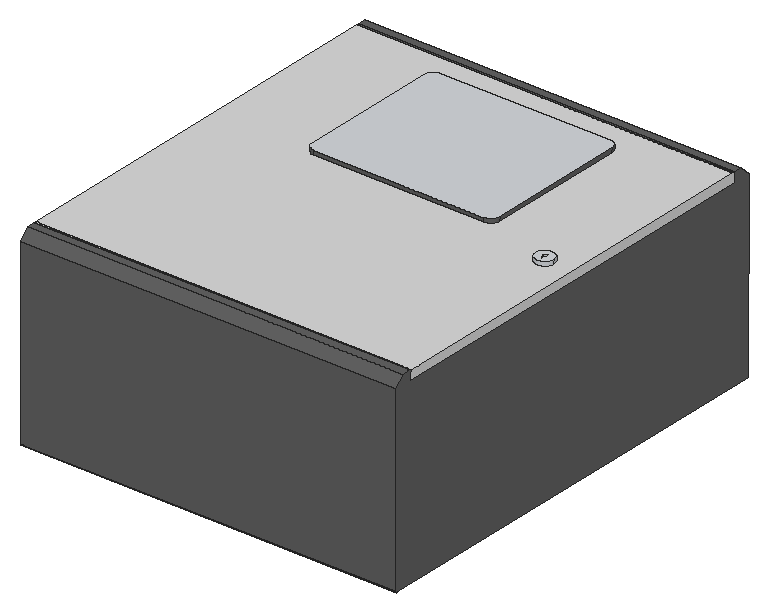
Revit family "Tyco_FireDtctnAlmCtrlIndctEquip_Zettler-Profile2-4LoopAddressableCtrlIndctPanel", category Fire Alarm Devices, host Face, Revit 2013
Parameters (values of type "With2x38AhBatteries-P405D")
  Width = 410 mm
  WarrantyStartDate [instance] = "1900-12-31T23:59:59"
  WarrantyGuarantorParts = "Contact your supplier. If you don’t have your supplier contact details please contact (tfsuk.service@tycoint.com) or (tfseu.service@tycoint.com)"
  WarrantyGuarantorLabor = "Contact your supplier. If you don’t have your supplier contact details please contact (tfsuk.service@tycoint.com) or (tfseu.service@tycoint.com)"
  WarrantyDurationUnit = "Year"
  WarrantyDurationParts = "1.5 years"
  WarrantyDurationLabor = "1.5 years"
  WarrantyDescription = "n/a"
  Version = "1"
  UsageCurrent = 0 A
  Uniclass2 = "Ee_40_15_75"
  URL = "http://www.zettlerfire.com/Products/Fire/zettlerpanels/PROFILE.asp"
  TotalNoOfAddresses = "500/1000"
  TagNumber [instance] = "n/a"
  SustainabilityPerformance = "n/a"
  StorageTemperature = "-20 °C to +70 °C"
  Size = "n/a"
  ShowZoneLEDs = no
  Shape = "Rectangle"
  SerialNumber [instance] = "n/a"
  Revision = "n/a"
  ReplacementCost = "n/a"
  RelativeHumidity = "90% RH continuous (non-condensing)"
  Reference = "n/a"
  ProductSpecification = "P405D Profile 2-4 Loop Addressable Control and Indicating Panel with 2*38Ah Batteries"
  ProductInformation = "http://www.zettlerfire.com/Products/Fire/zettlerpanels/PROFILE.asp"
  ProductCodes = "557.200.554"
  PhaseReference = "n/a"
  PhaseAngle = 0.00°
  OperationTemperatureRange = "-8 °C to +55 °C"
  NumberOfPoles = 0
  NominalWidth = Width  # 410 mm
  NominalVoltage = "230 V AC"
  NominalLength = Depth  # 213 mm
  NominalHeight = Height  # 480 mm
  NominalFrequencyRange = "50/60 Hz"
  NominalCurrent = 1.6 A
  NoOfZonesSupported = "240"
  NoOfZonalLEDs = "0"
  NoOfLoops = "2 to 4"
  Name = "P405D Profile 2-4 Loop Addressable Control and Indicating Panel with 2*38Ah Batteries"
  NBSReference = "90-75-30/380"
  NBSDescription = "Fire detection and alarm control and indicating equipment (CIE)"
  ModelReference = "n/a"
  ModelNumber = "P405D"
  Model = "P405D"
  Material = "Mild steel"
  ManufacturerURL = "www.zettlerfire.com"
  ManufacturerName = "Tyco Fire Protection Products"
  Manufacturer = "Tyco Fire Protection Products"  # constant formula
  InsulationStandardClass = "n/a"
  InstallationDate [instance] = "1900-12-31T23:59:59"
  IfcTypeObject = "IfcBuildingElementProxy"
  IfcExportType = "NOTDEFINED"
  IfcExportAs = "IfcDistributionElement"
  IP_Code = "n/a"
  Height = 480 mm
  HasProtectiveEarth = yes
  Grade = "n/a"
  GUIPanelWidth = Width / 2  # 205 mm
  GUIPanelOffset = Height * 0.8  # 384 mm
  Finish = "n/a"
  Features = "n/a"
  ExpectedLife = "n/a"
  ElectricalDeviceNominalPower = 0 VA
  DurationUnit = "Year"
  Description = "Zettler-Profile 2-4 Loop Addressable Control and Indicating Panel with 2*38Ah Batteries"
  Depth = 213 mm
  Default Elevation = 1200 mm
  Constituents = "n/a"
  ComponentWeight = "10.6 Kg"
  Color = "Grey"
  CodePerformance = "n/a"
  Category = "Ee_40_15_75"
  Brand = "Zettler\r\nZettler"
  BarCode [instance] = "n/a"
  BIMObjectName = "Tyco_FireDtctnAlmCtrlIndctEquip_Zettler-Profile2-4LoopAddressableCtrlIndctPanel With2x38AhBatteries-P405D"
  Author = "Tyco Fire Protection Products"
  AssetType = "Moveable"
  AssetIdentifier [instance] = "n/a"
  AddressesPerLoop = "250"
  AccessibilityPerformance = "n/a"
Types (2, lengths in mm): name | ShowZoneLEDs | ProductSpecification | ProductCodes | NoOfZonalLEDs | Name | ModelNumber | Model | Description | BIMObjectName
  With80ZoneLEDsAnd2x38AhBatteries-P485D | yes | "P485D Profile 2-4 Loop Addressable Control and Indicating Panel with 80 Zone LEDs and 2*38Ah Batteries" | "557.200.553" | "80" | "P485D Profile 2-4 Loop Addressable Control and Indicating Panel with 80 Zone LEDs and 2*38Ah Batteries" | "P485D" | "P485D" | "Zettler-Profile 2-4 Loop Addressable Control and Indicating Panel with 80 Zone LEDs and 2*38Ah Batteries" | "Tyco_FireDtctnAlmCtrlIndctEquip_Zettler-Profile2-4LoopAddressableCtrlIndctPanel With80ZoneLEDsAnd2x38AhBatteries-P485D"
  With2x38AhBatteries-P405D | no | "P405D Profile 2-4 Loop Addressable Control and Indicating Panel with 2*38Ah Batteries" | "557.200.554" | "0" | "P405D Profile 2-4 Loop Addressable Control and Indicating Panel with 2*38Ah Batteries" | "P405D" | "P405D" | "Zettler-Profile 2-4 Loop Addressable Control and Indicating Panel with 2*38Ah Batteries" | "Tyco_FireDtctnAlmCtrlIndctEquip_Zettler-Profile2-4LoopAddressableCtrlIndctPanel With2x38AhBatteries-P405D"
Reference planes
  plane 1 "Center (Front/Back)": y = 0
  plane 2: z = 0
  plane 3 "Center (Left/Right)": x = 0
  plane 4: x = -205
  plane 5: x = 205
  plane 6: y = 240
  plane 7: y = -240
  plane 8: z = 213
  plane 9: z = 4
  plane 10: x = 175
  plane 11: x = -102.5
  plane 12: x = 102.5
  plane 13: y = 192
  plane 14: y = -192
  plane 15: z = 217
Forms (mm)
  Extrusion 1, solid, material "Tyco-Black"
    sketch origin (0, 0, 0) x (0, 1, 0) y (0, 0, 1)
      loop
        line (-230, 213) -> (-240, 203) -> (-240, 5)
        arc (-240, 5) -> (-239.707, 4.293) -> (-239, 4) r 1
        line (-239, 4) -> (239, 4)
        arc (239, 4) -> (239.707, 4.293) -> (240, 5) r 1
        line (240, 5) -> (240, 203) -> (230, 213) -> (221, 213)
        arc (221, 213) -> (220.293, 212.707) -> (220, 212) r 1
        line (220, 212) -> (220, 203) -> (-220, 203) -> (-220, 212)
        arc (-220, 212) -> (-220.293, 212.707) -> (-221, 213) r 1
        line (-221, 213) -> (-230, 213)
    from -205 to 205
  Extrusion 2, solid, material "Tyco-Grey"
    sketch origin (0, 0, 0) x (0, 1, 0) y (0, 0, 1)
      loop
        line (218.989, 213) -> (-219, 213)
        arc (-219, 213) -> (-219.707, 212.707) -> (-220, 212) r 1
        line (-220, 212) -> (-220, 203) -> (220, 203) -> (220, 211.989)
        arc (220, 211.989) -> (219.704, 212.704) -> (218.989, 213) r 1.011
    from -205 to 205
  Extrusion 3, solid, detail levels medium+fine
    sketch origin (0, 0, 0) x (1, 0, 0) y (0, 1, 0)
      loop
        circle (175, 0) r 10
      loop
        arc (173.181, 0) -> (173.806, -0.863) -> (174.027, -1.905) r 2.567
        line (174.027, -1.905) -> (174.027, -2.803)
        arc (174.027, -2.803) -> (175, -3.776) -> (175.973, -2.803) r 0.973
        line (175.973, -2.803) -> (175.973, -1.905)
        arc (175.973, -1.905) -> (176.194, -0.863) -> (176.819, 0) r 2.567
        arc (176.819, 0) -> (175, 2.832) -> (173.181, 0) r 2
    from 213 to 217
  Extrusion 4, solid, detail levels medium+fine
    sketch origin (0, 1151.95, 213) x (0, 1, 0) y (-1, 0, 0)
      loop
        arc (-959.95, 92.5) -> (-962.879, 99.571) -> (-969.95, 102.5) r 10
        line (-969.95, 102.5) -> (-1121.95, 102.5)
        arc (-1121.95, 102.5) -> (-1129.021, 99.571) -> (-1131.95, 92.5) r 10
        line (-1131.95, 92.5) -> (-1131.95, -92.5)
        arc (-1131.95, -92.5) -> (-1129.021, -99.571) -> (-1121.95, -102.5) r 10
        line (-1121.95, -102.5) -> (-969.95, -102.5)
        arc (-969.95, -102.5) -> (-962.879, -99.571) -> (-959.95, -92.5) r 10
        line (-959.95, -92.5) -> (-959.95, 92.5)
    from 0 to 4
  Extrusion 5, solid, visible <- "ShowZoneLEDs", detail levels medium+fine
    sketch origin (0, -1151.95, 213) x (0, -1, 0) y (1, 0, 0)
      loop
        line (-959.95, -92.5) -> (-959.95, 92.5)
        arc (-959.95, 92.5) -> (-962.879, 99.571) -> (-969.95, 102.5) r 10
        line (-969.95, 102.5) -> (-1121.95, 102.5)
        arc (-1121.95, 102.5) -> (-1129.021, 99.571) -> (-1131.95, 92.5) r 10
        line (-1131.95, 92.5) -> (-1131.95, -92.5)
        arc (-1131.95, -92.5) -> (-1129.021, -99.571) -> (-1121.95, -102.5) r 10
        line (-1121.95, -102.5) -> (-969.95, -102.5)
        arc (-969.95, -102.5) -> (-962.879, -99.571) -> (-959.95, -92.5) r 10
    from 0 to 4
  Extrusion 6, solid, material "Tyco-Black"
    sketch origin (0, 1151.95, 213) x (0, 1, 0) y (-1, 0, 0)
      loop
        circle (-959.95, 102.5) r 20
      loop
        circle (-959.95, -102.5) r 20
      loop
        circle (-1343.95, 102.5) r 20
      loop
        circle (-1343.95, -102.5) r 20
    from -213 to -209
Cuts and joins
  joined: Extrusion 1, Extrusion 6
Lines and regions (mm)
  symbolic lines
    curve 1: line (-205, 240, 213) -> (205, 240, 213)
    curve 2: line (-205, -240, 213) -> (-205, 240, 213)
    curve 3: line (205, -240, 213) -> (-205, -240, 213)
    curve 4: line (205, 240, 213) -> (205, -240, 213)
    curve 5: line (-102.5, 192, 213) -> (102.5, 192, 213)
    curve 6: line (-102.5, 20, 213) -> (-102.5, 192, 213)
    curve 7: line (102.5, 20, 213) -> (-102.5, 20, 213)
    curve 8: line (102.5, 192, 213) -> (102.5, 20, 213)
    curve 13: line (-205, 0, 217) -> (205, 0, 217)
    curve 14: line (-205, 0, 0) -> (-205, 0, 217)
    curve 15: line (205, 0, 0) -> (-205, 0, 0)
    curve 16: line (205, 0, 217) -> (205, 0, 0)
    curve 17: line (0, 240, 217) -> (0, -240, 217)
    curve 18: line (0, 240, 0) -> (0, 240, 217)
    curve 19: line (0, -240, 0) -> (0, 240, 0)
    curve 20: line (0, -240, 217) -> (0, -240, 0)
  symbolic lines, visible <- "ShowZoneLEDs"
    curve 9: line (102.5, -192, 213) -> (-102.5, -192, 213)
    curve 10: line (102.5, -20, 213) -> (102.5, -192, 213)
    curve 11: line (-102.5, -20, 213) -> (102.5, -20, 213)
    curve 12: line (-102.5, -192, 213) -> (-102.5, -20, 213)
Dimensions and locks
  "Width": plane 4 to plane 5
  equal spacing: plane 4, plane 3 "Center (Left/Right)", plane 5
  "Height": plane 6 to plane 7
  equal spacing: plane 6, plane 1 "Center (Front/Back)", plane 7
  "Depth": plane 8 to level
  locked: plane 9 to level at 4
  locked: plane 8 to Extrusion 1 sketch curve at 10
  locked: plane 6 to Extrusion 1 sketch curve at 20
  locked: Extrusion 1 sketch curve to plane 7 at 20
  locked: plane 10 to plane 5 at 30
  "GUIPanelWidth": plane 11 to plane 12
  equal spacing: plane 11, plane 3 "Center (Left/Right)", plane 12
  "GUIPanelOffset": plane 13 to plane 14
  equal spacing: plane 13, plane 1 "Center (Front/Back)", plane 14
  locked: plane 15 to plane 8 at 4
  locked: plane 1 "Center (Front/Back)" to Extrusion 4 sketch curve at 20
  locked: Extrusion 5 sketch curve to plane 1 "Center (Front/Back)" at 20
  radius of Extrusion 4 sketch curve = 10 mm  (x4)
  radius of Extrusion 5 sketch curve = 10 mm  (x4)
  radius of Extrusion 6 sketch curve = 20 mm  (x4)
  aligned and locked: plane 2 to host face
  aligned and locked: level to host face
  aligned and locked: Extrusion 1 sketch curve to Extrusion 1 sketch curve  (x3)
  aligned and locked: Extrusion 1 to plane 4
  aligned and locked: Extrusion 1 to plane 5
  aligned and locked: Extrusion 1 to plane 9
  aligned and locked: Extrusion 1 sketch curve to plane 8
  aligned and locked: plane 6 to Extrusion 1 sketch curve
  aligned and locked: plane 7 to Extrusion 1 sketch curve
  aligned and locked: Extrusion 1 to Extrusion 2 sketch curve
  aligned and locked: Extrusion 2 sketch curve to Extrusion 1  (x3)
  aligned and locked: Extrusion 2 to plane 4
  aligned and locked: Extrusion 2 to plane 5
  aligned and locked: plane 1 "Center (Front/Back)" to Extrusion 3 sketch curve
  aligned and locked: plane 10 to Extrusion 3 sketch curve  (x3)
  aligned and locked: Extrusion 1 to Extrusion 3
  aligned and locked: Extrusion 4 sketch curve to plane 13
  aligned and locked: plane 11 to Extrusion 4 sketch curve
  aligned and locked: plane 12 to Extrusion 4 sketch curve
  aligned and locked: Extrusion 1 to Extrusion 4
  aligned and locked: plane 15 to Extrusion 4
  aligned and locked: Extrusion 5 to plane 8
  aligned and locked: Extrusion 5 to Extrusion 4
  aligned and locked: Extrusion 5 sketch curve to plane 11
  aligned and locked: plane 14 to Extrusion 5 sketch curve
  aligned and locked: Extrusion 5 sketch curve to plane 12
  aligned and locked: plane 15 to Extrusion 3
  aligned and locked: curve 1 to Extrusion 1
  aligned and locked: curve 2 to Extrusion 1
  aligned and locked: curve 3 to Extrusion 1
  aligned and locked: curve 4 to Extrusion 1
  aligned and locked: curve 5 to plane 13
  aligned and locked: plane 11 to curve 6
  aligned and locked: plane 12 to curve 8
  aligned and locked: curve 7 to Extrusion 4
  aligned and locked: curve 9 to plane 14
  aligned and locked: plane 12 to curve 10
  aligned and locked: plane 11 to curve 12
  aligned and locked: curve 11 to Extrusion 5
  aligned and locked: curve 13 to plane 15
  aligned and locked: level to curve 15
  aligned and locked: plane 5 to curve 16
  aligned and locked: plane 4 to curve 14
  aligned and locked: plane 15 to curve 17
  aligned and locked: plane 6 to curve 18
  aligned and locked: curve 19 to level
  aligned and locked: plane 7 to curve 20
  aligned and locked: plane 13 to Extrusion 6 sketch curve  (x2)
  aligned and locked: plane 11 to Extrusion 6 sketch curve  (x2)
  aligned and locked: plane 12 to Extrusion 6 sketch curve  (x2)
  aligned and locked: plane 14 to Extrusion 6 sketch curve  (x2)
  aligned and locked: Extrusion 6 to level
  aligned and locked: Extrusion 6 to Extrusion 1
Automatic sketch dimensions
  host sketch curve to host sketch curve = 1401.978 mm
  host sketch curve to host sketch curve = 1604.074 mm
  Extrusion 2 sketch curve to plane 7 = 21 mm
  Extrusion 2 sketch curve to plane 8 = 1.011 mm
  plane 10 to Extrusion 3 sketch curve = 0.973 mm
  plane 1 "Center (Front/Back)" to Extrusion 3 sketch curve = 2.803 mm
  Extrusion 3 sketch curve to Extrusion 3 sketch curve = 2.567 mm
  plane 1 "Center (Front/Back)" to Extrusion 3 sketch curve = 0 mm  (x2)
  plane 10 to Extrusion 3 sketch curve = 1.819 mm
  plane 1 "Center (Front/Back)" to Extrusion 3 sketch curve = 1.905 mm
  Extrusion 3 sketch curve to Extrusion 3 sketch curve = 0.832 mm
  Extrusion 1 sketch curve to plane 9 = 0 mm
  Extrusion 1 sketch curve to plane 8 = 0 mm
  Extrusion 1 sketch curve to plane 7 = 1 mm
  plane 9 to Extrusion 1 sketch curve = 1 mm
  Extrusion 1 sketch curve to plane 7 = 10 mm
  Extrusion 1 sketch curve to Extrusion 1 sketch curve = 1 mm  (x2)
  Extrusion 1 sketch curve to Extrusion 1 sketch curve = 9 mm
  radius of Extrusion 3 sketch curve = 10 mm
Connectors
  electrical at (0, 0, 4)
    settings: on Extrusion 1, index 1, voltage 0 V, apparent load 0 VA, apparent load phase1 0 VA, apparent load phase2 0 VA, apparent load phase3 0 VA, power factor 1, load classification "Other", number of poles 1, system type 31, power factor state 1, is connector primary yes, connector utility no, sub classification motor no, connector description ""
